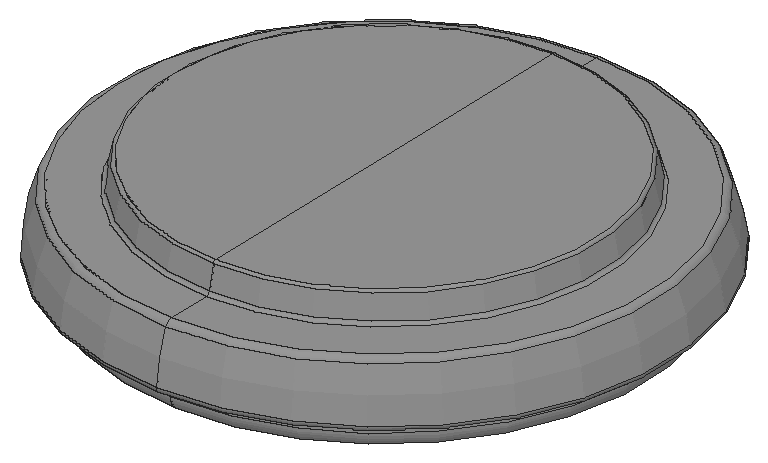
Revit family "FMK11_63_UN_Surface-mounted_ETK", category Lighting Fixtures, Revit 2017 (continued)
Definition of nested family "FMK.1 - Lightsource"
  Types (13, lengths in mm): name | Wattage Comments | Photometric Web File | built-in parameter 1150142 | Apparent Load
      25.7813\t106.5085\r\n88.2355\t70.5452\t54.1615\t7.8573\t0\t0\r\n604.9325\t604.7176\t603.7796\t601.7596\t599.0029\t595.4393\t591.2503\t586.1635\t580.3285\t573.8209\r\n566.5729\t558.4662\t549.5574\t539.959\t529.6359\t518.622\t506.8968\t494.5226\t481.3277\t467.6546\r\n453.3728\t438.6295\t423.5379\t407.4691\t390.6461\t373.1217\t355.4348\t337.4507\t319.172\t300.5231\r\n281.7847\t262.9024\t244.0497\t224.0008\t203.7622\t183.799\t164.2428\t144.9022\t125.7293\t107.5918\r\n88.8514\t71.1298\t54.4435\t38.5694\t0\t0\r\n604.9325\t604.7494\t603.8591\t602.1349\t599.1772\t595.6368\t591.4608\t586.3802\t580.5395\t573.9061\r\n566.6576\t558.7326\t549.8582\t540.3013\t530.0523\t519.0994\t507.4605\t495.1326\t482.1254\t468.5441\r\n454.2405\t439.307\t423.9316\t408.0499\t391.4158\t374.6547\t357.1749\t339.1212\t320.3753\t301.4552\r\n282.4058\t263.17\t243.6782\t224.3313\t205.2234\t185.5059\t165.095\t145.3835\t126.4193\t107.5003\r\n89.5871\t71.6948\t54.518\t36.9883\t0\t0\r\n604.9325\t604.7798\t603.933\t602.2606\t599.5824\t595.8575\t591.7058\t586.6435\t580.8116\t574.1898\r\n566.9202\t558.8521\t549.9829\t540.4445\t530.3688\t519.4493\t507.8531\t495.5801\t482.6631\t469.1248\r\n454.9178\t440.2534\t424.928\t409.1933\t392.26\t375.0811\t357.6797\t339.8697\t321.5662\t303.0997\r\n284.0796\t264.4382\t244.6256\t224.8094\t205.0348\t185.2383\t165.9856\t147.0073\t127.0858\t107.9981\r\n89.7259\t72.2025\t55.0032\t33.0733\t2.9733\t0\r\n604.9325\t604.8087\t604.0009\t602.3737\t599.7493\t596.298\t592.2\t587.1644\t581.1454\t574.5515\r\n567.2809\t559.2119\t550.3447\t540.7829\t530.5511\t519.5979\t508.0056\t495.7365\t482.8831\t469.4721\r\n455.32\t440.7056\t425.4497\t409.8313\t392.9182\t375.989\t358.654\t340.8931\t322.57\t303.9496\r\n284.9419\t265.4893\t245.963\t226.2227\t206.5172\t186.1591\t166.2968\t146.6662\t127.4699\t108.8866\r\n90.4763\t72.3236\t55.4787\t29.4388\t16.9564\t0\r\n604.9325\t604.8361\t604.0626\t602.4735\t599.8962\t596.4937\t592.4457\t587.4678\t581.7164\t575.1773\r\n567.9349\t559.8858\t551.0519\t541.472\t531.0513\t520.0748\t508.4733\t496.1692\t483.3366\t469.7223\r\n455.551\t440.858\t425.587\t409.8699\t393.2087\t376.3423\t359.0181\t341.2638\t323.0544\t304.5645\r\n285.6675\t266.4002\t246.9483\t227.2771\t207.4642\t187.5942\t167.7977\t148.0403\t128.3798\t109.277\r\n90.5235\t72.6235\t56.3199\t28.8061\t14.3084\t0\r\n604.9325\t604.8617\t604.1182\t602.5602\t600.0226\t596.6587\t592.6458\t587.7121\t581.9995\t575.508\r\n568.2964\t560.2824\t551.501\t541.9643\t531.743\t520.7781\t509.1995\t496.8891\t484.1302\t470.4742\r\n456.3108\t441.5572\t426.2844\t410.4684\t394.0507\t377.1843\t359.8341\t342\t323.7882\t305.1042\r\n286.137\t266.7921\t247.3055\t227.5948\t207.825\t187.6657\t167.8486\t148.2204\t128.7693\t109.6958\r\n91.0828\t73.0008\t55.7332\t28.5158\t9.2535\t5.8306\r\n604.9325\t604.8858\t604.1675\t602.6336\t600.1283\t596.7932\t592.7994\t587.8971\t582.2037\t575.7372\r\n568.5319\t560.5294\t551.7717\t542.2778\t531.8858\t520.932\t509.3938\t497.098\t484.3744\t470.7813\r\n456.6695\t441.9743\t426.7397\t410.9949\t394.281\t377.6255\t360.349\t342.6082\t324.4077\t305.9467\r\n287.057\t267.8093\t248.3563\t228.6492\t208.8539\t188.9518\t169.1246\t149.344\t129.7127\t110.5106\r\n91.7654\t73.7774\t57.5617\t24.3495\t13.0724\t0\r\n604.9325\t604.9084\t604.2102\t602.6933\t600.2132\t596.897\t592.9066\t588.0227\t582.1208\t575.6725\r\n568.4733\t560.4987\t551.7845\t542.3932\t532.2197\t521.3168\t509.8504\t497.6049\t484.9598\t471.5946\r\n457.5683\t442.9406\t427.7495\t412.0765\t395.0762\t378.5872\t361.3233\t343.5924\t325.3398\t306.7643\r\n287.7814\t268.4081\t248.9004\t229.0701\t209.3799\t189.1876\t169.2491\t149.5934\t130.3692\t111.7187\r\n93.1623\t74.832\t56.0552\t30.1574\t17.757\t0\r\n604.9325\t604.9291\t604.2466\t602.7396\t600.277\t596.7549\t592.7641\t587.9288\t582.2718\t575.869\r\n568.7055\t560.782\t552.1376\t542.8605\t532.8647\t522.03\t510.6246\t498.4005\t485.7799\t472.303\r\n458.2807\t443.627\t428.3966\t412.6847\t395.7487\t379.043\t361.726\t344.0152\t325.8533\t307.4149\r\n288.4358\t268.8734\t249.1853\t229.375\t209.698\t190.0696\t170.6999\t151.6406\t131.5559\t112.2365\r\n93.7694\t75.9803\t57.7978\t36.3903\t3.3572\t0\r\n604.9325\t604.9482\t604.2766\t602.7724\t600.1026\t596.8317\t592.8688\t588.0895\t582.4821\t576.1402\r\n569.0311\t561.2923\t552.7151\t543.5197\t533.3842\t522.5693\t511.1655\t498.9339\t486.2842\t472.7688\r\n458.7265\t443.8734\t428.6057\t412.8898\t396.4891\t379.9651\t362.5484\t344.6873\t326.0862\t307.3448\r\n288.413\t269.2614\t249.8982\t230.6041\t211.5997\t191.9184\t171.4046\t151.5305\t132.3891\t113.1712\r\n95.0695\t77.0752\t59.9131\t42.0633\t0\t0\r\n604.9325\t604.9657\t604.2998\t602.5548\t600.1553\t596.9302\t593.0054\t588.2927\t582.7506\t576.6036\r\n569.5235\t561.6924\t553.1393\t543.9534\t533.8105\t523.0168\t511.5622\t499.366\t486.4926\t472.912\r\n459.0179\t444.3755\t429.4063\t413.6832\t397.1754\t379.8273\t362.3066\t344.5457\t326.4347\t308.0495\r\n289.4402\t270.7576\t251.9841\t231.9745\t211.6746\t191.7028\t172.0756\t152.6103\t133.1779\t114.8662\r\n95.9878\t78.1761\t61.1735\t45.795\t0\t0\r\n604.9325\t604.9814\t604.3167\t602.5756\t600.2201\t597.0494\t593.1734\t588.5362\t583.1793\t576.9316\r\n569.8621\t562.0891\t553.565\t544.2694\t534.1347\t523.3515\t511.7317\t499.6292\t486.9379\t473.6955\r\n459.8412\t444.9777\t429.3063\t413.3894\t396.8997\t380.0432\t362.8271\t345.3781\t327.6307\t309.5314\r\n291.5164\t271.8122\t251.8804\t231.996\t212.4087\t192.9384\t172.9802\t153.4783\t134.9195\t115.44\r\n97.1203\t79.0755\t62.4054\t9.3896\t0\t0\r\n604.9325\t604.9956\t604.3272\t602.6031\t600.2962\t597.1889\t593.3721\t588.9141\t583.4623\t577.2196\r\n570.1627\t562.4154\t553.8858\t544.5341\t534.2984\t523.5728\t512.1948\t500.5208\t487.6946\t473.958\r\n459.5435\t444.6901\t429.4465\t413.7537\t397.3341\t380.8483\t363.9506\t346.8691\t329.6427\t310.5199\r\n291.273\t271.8245\t252.461\t233.1913\t213.8417\t193.4848\t174.0151\t155.267\t135.3556\t116.4813\r\n97.8216\t80.1325\t63.6547\t0\t0\t0\r\n604.9325\t605.0081\t604.1035\t602.6372\t600.3825\t597.3475\t593.707\t589.127\t583.7094\t577.482\r\n570.4302\t562.6996\t554.1438\t544.6663\t534.7057\t524.3891\t513.0044\t500.7896\t487.3524\t473.6975\r\n459.518\t445.0085\t429.9797\t414.6206\t398.4095\t382.2407\t365.9518\t348.2711\t329.3178\t310.5274\r\n291.5796\t272.7277\t253.9408\t234.0297\t214.0457\t194.5929\t175.6982\t155.4975\t136.2802\t117.3421\r\n98.7646\t81.3279\t72.1805\t0\t0\t0\r\n604.9325\t605.019\t604.1119\t602.6779\t600.4786\t597.6426\t593.9105\t589.3438\t583.9467\t577.7191\r\n570.6656\t562.8212\t554.3085\t545.0755\t535.5347\t524.721\t513.0291\t500.3333\t487.3226\t473.9116\r\n459.8662\t445.6658\t430.8177\t415.8479\t400.1212\t383.9482\t365.8834\t347.7302\t329.562\t311.2079\r\n292.7026\t274.2517\t254.2433\t234.5137\t215.2238\t196.2482\t175.8172\t156.3581\t137.1786\t118.0156\r\n99.7925\t82.5063\t18.8432\t0\t0\t0\r\n604.9325\t605.0283\t604.1218\t602.7247\t600.583\t597.8102\t594.1046\t589.5447\t584.1685\t577.9335\r\n570.7476\t563.1054\t554.7514\t545.9018\t535.7763\t524.3683\t512.6077\t500.3662\t487.5755\t474.3762\r\n460.5654\t446.5906\t432.1211\t417.8057\t401.602\t383.3793\t365.8497\t348.1423\t330.3051\t312.4086\r\n294.1318\t274.1954\t254.8095\t235.669\t216.8273\t196.3608\t176.5926\t157.4869\t137.7906\t118.858\r\n100.818\t83.5993\t0\t0\t0\t0\r\n604.9325\t605.0361\t604.1334\t602.7774\t600.7864\t597.9704\t594.2876\t589.7308\t584.3744\t578.1281\r\n571.0018\t563.4848\t555.5833\t546.1282\t535.3695\t524.2805\t512.6836\t500.6473\t488.0744\t475.1119\r\n461.6374\t447.8475\t434.0262\t417.6448\t400.9644\t383.6448\t366.3432\t349.0233\t331.7904\t313.5353\r\n294.0128\t274.8492\t255.877\t237.208\t216.8648\t197.0235\t177.7961\t157.8749\t138.4358\t119.7504\r\n101.8852\t92.4739\t0\t0\t0\t0\r\n604.9325\t605.0425\t604.1466\t602.848\t600.8972\t598.1214\t594.4589\t589.9031\t584.5647\t578.2256\r\n571.3187\t564.2473\t555.8092\t545.7075\t535.2392\t524.3842\t512.9437\t501.1112\t488.7997\t476.1064\r\n463.0374\t449.343\t433.5399\t417.2783\t400.9627\t384.2803\t367.2588\t350.5131\t332.268\t313.3683\r\n294.6133\t275.9463\t257.4891\t237.3023\t217.356\t197.9306\t178.3323\t158.4724\t139.2137\t120.6822\r\n102.8483\t57.3578\t0\t0\t0\t0\r\n604.9325\t605.0474\t604.1608\t602.9137\t601.0014\t598.264\t594.6171\t590.063\t584.6305\t578.4959\r\n572.0294\t564.4703\t555.3483\t545.5818\t535.2777\t524.6268\t513.4049\t501.7638\t489.7543\t477.3344\r\n464.4028\t448.8923\t433.3396\t417.5334\t401.4281\t385.097\t368.9335\t350.8398\t332.2947\t313.863\r\n295.5771\t277.519\t257.6565\t237.7254\t218.1962\t199.0534\t178.7354\t159.0786\t140.0851\t121.6497\r\n103.8155\t0\t0\t0\t0\t0\r\n604.9325\t605.051\t604.176\t602.9834\t601.0992\t598.3979\t594.7648\t590.2104\t584.8219\t578.8225\r\n572.3363\t564.4139\t555.1729\t545.6088\t535.5075\t525.0194\t514.047\t502.6184\t490.9152\t478.6035\r\n463.8731\t448.8367\t433.4799\t418.0245\t402.1397\t386.5322\t369.0536\t350.9647\t332.8257\t314.7378\r\n297.0853\t277.7551\t257.9227\t238.481\t219.5016\t199.2458\t179.2974\t159.8236\t140.9368\t122.5844\r\n114.5266\t0\t0\t0\t0\t0\r\n604.9325\t604.8195\t604.1772\t603.163\t601.191\t598.5255\t594.895\t590.2198\t585.0512\t579.5204\r\n572.4719\t563.9005\t555.1175\t545.7701\t535.8495\t525.5278\t514.821\t503.6348\t492.264\t478.147\r\n463.7272\t448.9998\t433.9643\t418.7961\t403.6464\t387.1038\t369.0804\t351.3617\t333.5972\t315.9873\r\n297.742\t277.8849\t258.5245\t239.3997\t219.9055\t199.7153\t179.9419\t160.6418\t141.8696\t123.5432\r\n87.3022\t0\t0\t0\t0\t0\r\n604.9325\t604.8214\t604.1941\t603.235\t601.2774\t598.653\t595.016\t590.3749\t585.3173\t579.7601\r\n572.4333\t563.7933\t555.2071\t545.9861\t536.2842\t526.1054\t515.7411\t505.1648\t491.8617\t477.9997\r\n463.7712\t449.4027\t434.6692\t419.8185\t404.4636\t386.7505\t369.4002\t352.0054\t334.6783\t317.1876\r\n297.6146\t278.2823\t259.2507\t240.5064\t220.1321\t200.1444\t180.6201\t161.5081\t142.8095\t124.5313\r\n13.8642\t0\t0\t0\t0\t0\r\n604.9325\t604.8236\t604.2119\t603.3019\t601.3588\t598.7555\t595.1265\t590.5663\t585.9635\t579.8593\r\n571.9911\t563.7863\t555.3307\t546.2508\t536.8328\t526.9331\t517.2336\t505.4984\t491.6135\t478.0339\r\n464.0981\t449.9708\t435.6618\t421.0393\t404.0675\t387.0188\t369.9272\t352.9161\t336.0984\t317.049\r\n297.8658\t278.9167\t260.1671\t240.5732\t220.4028\t200.641\t181.2542\t162.264\t143.6971\t138.9319\r\n0\t0\t0\t0\t0\t0\r\n604.9325\t604.8263\t604.2307\t603.3631\t601.4313\t598.8452\t595.1065\t590.8151\t586.1914\t579.822\r\n571.9271\t563.8539\t555.4675\t546.661\t537.4583\t527.8618\t517.6741\t504.7744\t491.6731\t478.2434\r\n464.6017\t450.7338\t436.9828\t420.7421\t404.1424\t387.4658\t370.696\t354.016\t336.1698\t317.1983\r\n298.3815\t279.7143\t261.0886\t240.6791\t220.7372\t201.1309\t181.8626\t163.0016\t144.4475\t122.5815\r\n0\t0\t0\t0\t0\t0\r\n604.9325\t604.8296\t604.2504\t603.4181\t601.5048\t598.9231\t595.2406\t591.0574\t586.306\t579.3415\r\n571.9105\t564.0096\t555.7297\t547.2433\t538.1409\t529.1692\t517.1897\t504.6634\t491.8013\t478.5756\r\n465.2881\t452.0592\t437.3133\t420.7778\t404.3743\t388.0399\t371.6653\t355.0642\t336.1889\t317.5424\r\n298.9986\t280.8707\t261.0621\t240.914\t221.1175\t201.6401\t182.4991\t163.6658\t145.1424\t84.3257\r\n0\t0\t0\t0\t0\t0\r\n604.9325\t604.8332\t604.2709\t603.4669\t601.5763\t598.9896\t595.3813\t591.6653\t586.3048\t579.2256\r\n571.9268\t564.2159\t556.1016\t547.8041\t538.8916\t529.4947\t517.0631\t504.6077\t491.9608\t479.1972\r\n466.0487\t452.7796\t436.8262\t420.8991\t404.8605\t388.7535\t372.9693\t354.883\t336.3385\t317.986\r\n299.7762\t281.4547\t261.1226\t241.2359\t221.6059\t202.209\t183.1578\t164.3804\t145.8553\t11.7624\r\n0\t0\t0\t0\t0\t0\r\n604.9325\t604.8742\t604.2921\t603.4941\t601.6459\t599.0296\t595.534\t591.8113\t586.2424\t579.1327\r\n571.9926\t564.4765\t556.5369\t548.3248\t540.2008\t528.8722\t517.0076\t504.7376\t492.349\t479.714\r\n467.3129\t452.606\t436.9139\t421.1267\t405.4395\t389.6556\t373.4059\t354.9124\t336.7214\t318.5644\r\n300.8615\t281.2211\t261.3039\t241.5416\t222.049\t202.8204\t183.8329\t165.0665\t157.8062\t0\r\n0\t0\t0\t0\t0\t0\r\n604.9325\t604.8778\t604.3138\t603.5305\t601.7141\t599.0846\t595.6937\t591.9235\t585.8046\t579.085\r\n572.1029\t564.7578\t557.0364\t548.9977\t540.5541\t528.6643\t516.9564\t505.0054\t492.8264\t480.4248\r\n467.8389\t452.4841\t437.2894\t421.6733\t406.0593\t390.8949\t373.0813\t355.0514\t337.1284\t319.303\r\n301.3591\t281.2466\t261.4669\t241.8581\t222.5305\t203.3664\t184.4454\t165.7848\t137.4772\t0\r\n0\t0\t0\t0\t0\t0\r\n604.9325\t604.8809\t604.3362\t603.5621\t601.7811\t599.0352\t595.8464\t591.9852\t585.7061\t579.0857\r\n572.2264\t565.0563\t557.5744\t550.165\t540.3995\t528.673\t517.0206\t505.3604\t493.3723\t481.6559\r\n467.3623\t452.552\t437.5387\t422.5383\t407.0626\t391.1192\t373.1518\t355.3501\t337.6537\t320.3056\r\n301.165\t281.3401\t261.6688\t242.21\t222.9713\t203.9042\t185.0535\t166.4117\t103.1682\t0\r\n0\t0\t0\t0\t0\t0\r\n604.9325\t604.8836\t604.359\t603.5893\t601.8694\t599.1105\t596.0133\t592.0398\t585.6138\t579.1319\r\n572.3514\t565.3855\t558.1204\t550.6032\t539.7275\t528.6462\t517.2427\t505.6569\t494.0788\t482.057\r\n467.3569\t452.5819\t437.9086\t423.1364\t408.6546\t391.0243\t373.2044\t355.7272\t338.2397\t320.9029\r\n301.111\t281.4142\t261.9364\t242.5968\t223.431\t204.436\t185.6287\t167.0034\t27.572\t0\r\n0\t0\t0\t0\t0\t0\r\n604.9325\t604.8855\t604.4761\t603.6117\t601.9217\t599.2035\t596.533\t591.9864\t585.5043\t579.2184\r\n572.5425\t565.734\t558.6618\t550.7546\t539.5884\t528.6359\t517.5185\t506.1812\t495.04\t482.1849\r\n467.305\t452.8559\t438.287\t423.7604\t408.9102\t391.2459\t373.6942\t356.1472\t338.8603\t321.0491\r\n301.0713\t281.5636\t262.175\t242.9288\t223.8638\t204.9514\t186.2113\t182.0587\t1.1881\t0\r\n0\t0\t0\t0\t0\t0\r\n604.9325\t604.8867\t604.5028\t603.6293\t601.9638\t599.2994\t596.645\t591.5011\t585.4756\t579.3018\r\n572.8016\t566.036\t559.6409\t550.1491\t539.5084\t528.714\t517.8046\t506.6744\t495.6339\t481.5654\r\n467.4352\t453.0708\t438.8115\t424.8445\t408.3959\t391.1553\t373.9573\t356.7332\t339.7814\t320.6058\r\n301.0831\t281.6948\t262.4118\t243.275\t224.2954\t205.4324\t186.6954\t167.9441\t0\t0\r\n0\t0\t0\t0\t0\t0\r\n604.9325\t604.887\t604.5236\t603.6425\t601.9959\t599.3986\t596.7257\t591.3548\t585.5182\t579.363\r\n573.0573\t566.424\t559.9176\t549.9196\t539.5158\t528.8377\t518.1153\t507.2742\t495.7579\t481.5916\r\n467.4632\t453.474\t439.2698\t425.2443\t408.263\t391.2061\t374.1569\t357.1614\t340.0716\t320.4624\r\n301.0867\t281.8107\t262.6444\t243.5924\t224.6723\t205.8572\t187.1718\t144.9784\t0\t0\r\n0\t0\t0\t0\t0\t0\r\n604.9325\t604.8865\t604.5428\t603.6338\t602.0103\t599.4978\t596.7763\t591.2522\t585.5281\t579.4668\r\n573.3066\t566.9192\t559.9588\t549.7513\t539.4872\t529.0692\t518.4253\t508.1923\t495.3851\t481.5092\r\n467.7242\t453.7447\t439.9175\t425.2779\t408.1339\t391.3024\t374.4758\t357.6287\t340.0586\t320.3781\r\n301.1083\t281.913\t262.8388\t243.8776\t225.0242\t206.2552\t187.5981\t115.0009\t0\t0\r\n0\t0\t0\t0\t0\t0\r\n604.9325\t604.885\t604.5606\t603.645\t602.0264\t599.5935\t596.8163\t591.1682\t585.5125\t579.6428\r\n573.535\t567.325\t560.0188\t549.5766\t539.5151\t529.2436\t518.8689\t508.4588\t495.2237\t481.6326\r\n467.8736\t454.23\t440.7564\t424.7799\t408.1443\t391.3969\t374.7627\t358.4102\t339.5867\t320.3059\r\n301.1296\t282.0313\t263.0322\t244.1182\t225.3098\t206.5909\t208.5256\t41.0682\t0\t0\r\n0\t0\t0\t0\t0\t0\r\n604.9325\t604.8822\t604.5765\t603.6541\t602.0366\t599.6814\t596.7991\t591.1051\t585.5226\t579.7912\r\n573.7965\t568.1624\t559.4207\t549.5037\t539.5662\t529.4615\t519.2377\t508.6864\t495.0436\t481.679\r\n468.2064\t454.598\t441.0964\t424.6947\t408.1124\t391.6374\t375.1268\t358.6007\t339.3875\t320.2485\r\n301.1794\t282.1608\t263.2234\t244.3607\t225.5868\t206.9026\t205.2836\t16.995\t0\t0\r\n0\t0\t0\t0\t0\t0\r\n604.9325\t604.8785\t604.5908\t603.6633\t601.9395\t599.7647\t596.7418\t591.06\t585.5485\t579.8973\r\n574.0964\t568.3927\t559.2244\t549.5165\t539.6473\t529.7217\t519.6586\t508.6422\t495.0411\t481.7111\r\n468.4364\t455.1131\t441.2729\t424.5622\t408.1888\t391.8366\t375.4632\t358.6633\t339.2702\t320.1939\r\n301.1714\t282.2413\t263.3757\t244.584\t225.8505\t207.1891\t196.3747\t0\t0\t0\r\n0\t0\t0\t0\t0\t0\r\n604.9325\t604.8733\t604.6033\t603.6729\t601.9265\t600.2331\t596.6322\t591.0364\t585.5873\t580.0245\r\n574.3594\t568.5711\t559.0794\t549.4846\t539.7647\t529.9902\t520.5131\t508.1301\t494.9934\t481.8595\r\n468.6626\t455.4659\t441.221\t424.5762\t408.315\t392.0382\t376.1636\t358.1518\t339.119\t320.1416\r\n301.21\t282.3326\t263.5119\t244.7525\t226.0488\t207.4163\t183.0863\t0\t0\t0\r\n0\t0\t0\t0\t0\t0\r\n604.9325\t604.8668\t604.6139\t603.695\t601.9318\t600.3013\t596.5338\t590.9823\t585.6512\t580.1659\r\n574.5935\t568.6407\t558.9834\t549.4782\t539.8949\t530.2134\t520.7044\t508.0583\t495.0091\t481.9755\r\n468.936\t456.1777\t440.6073\t424.4889\t408.3795\t392.2535\t376.4444\t357.9475\t338.9762\t320.0694\r\n301.208\t282.3868\t263.6237\t244.9007\t226.2289\t207.6039\t166.6342\t0\t0\t0\r\n0\t0\t0\t0\t0\t0\r\n604.9325\t604.8591\t604.6493\t603.703\t601.9417\t600.3485\t596.0679\t590.8989\t585.6858\t580.3035\r\n574.8415\t568.6032\t558.9126\t549.5162\t540.0334\t530.4923\t520.8077\t507.8674\t495.0311\t482.1225\r\n469.1845\t456.3674\t440.4697\t424.4357\t408.4313\t392.4354\t376.5266\t357.6959\t338.8194\t319.9882\r\n301.1811\t282.4086\t263.6716\t244.9804\t226.3421\t207.7361\t148.0797\t0\t0\t0\r\n0\t0\t0\t0\t0\t0\r\n604.9325\t604.8499\t604.6541\t603.708\t601.9557\t600.3666\t595.9812\t590.8541\t585.6659\t580.4378\r\n575.0686\t568.5408\t558.8013\t549.5237\t540.1919\t530.7662\t520.8701\t507.7843\t494.9614\t482.1637\r\n469.3976\t456.3809\t440.3147\t424.4104\t408.4891\t392.588\t376.4753\t357.4762\t338.6657\t319.8723\r\n301.1199\t282.3935\t263.7053\t245.055\t226.4221\t207.8132\t128.3104\t0\t0\t0\r\n0\t0\t0\t0\t0\t0\r\n604.9325\t604.8391\t604.6536\t603.7099\t601.9915\t600.3844\t595.8953\t590.8399\t585.6779\t580.4851\r\n575.7618\t567.9273\t558.7536\t549.4945\t540.2391\t530.9988\t520.839\t507.746\t495.0258\t482.2626\r\n469.5282\t456.2376\t440.1362\t424.3591\t408.547\t392.7352\t376.3568\t357.2544\t338.4904\t319.7454\r\n301.0327\t282.3506\t263.6906\t245.0533\t226.4334\t230.4994\t61.4906\t0\t0\t0\r\n0\t0\t0\t0\t0\t0\r\n604.9325\t604.827\t604.6476\t603.7081\t602.0045\t600.3945\t595.8023\t590.8088\t585.7376\t580.
